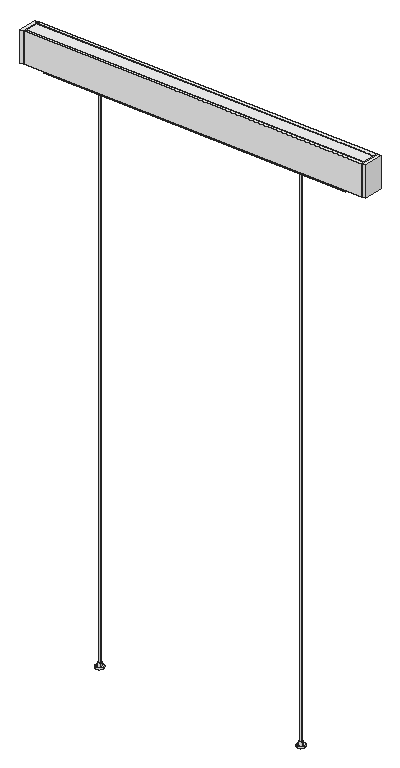
Revit family "MAGIC 1.3 LED LINEAR LIGHT", category Lighting Fixtures, host Face, Revit 2020
Family settings
  Host = Face
  Round Connector Dimension = Use Diameter
  Part Type = Normal
  Cut with Voids When Loaded = No
  Light Source = Yes
  Shared = No
  Room Calculation Point = No
Parameters (values of type "MAG0613-351-PSM-SD-MRF")
  Wattage Comments = "20W/15W/10W"
  Wattage = 0 W
  Wall Mount [instance] = Mounting Option = 3  # no
  WATTS = 20 W
  built-in parameter 1150110 = 1 (stored number, unit not read)
  Voltage = "120-277 V"  # constant formula
  URL = "https://www.abovealllighting.com/Product/LED-INDOOR-FIXTURE/Linear/MAGICLEDLINEARLIGHTPendent.html"
  Type Comments = "1.3 MAGIC 1.3 LED LINEAR LIGHT "  # constant formula
  built-in parameter 1114217 = 1 (stored number, unit not read)
  Tilt Angle = -90.00°
  built-in parameter 1150109 = 1 (stored number, unit not read)
  built-in parameter 1150134 = (empty or 0)
  Suspender Height [instance] = 3' - 0"
  Surface Mount [instance] = Mounting Option = 2  # no
  built-in parameter 1150113 = 1 (stored number, unit not read)
  Power Factor = 1
  Photometric Web File = "MAG06351-PM-A1-MRF.IES"
  Pendent [instance] = if(PSM, 1 = 1, 1 = 0)  # yes
  PSM [instance] = Mounting Option = 1  # yes
  Mounting Option [instance] = 1
  Model = ""
  Manufacturer = "Above All Lighting"  # constant formula
  built-in parameter 1150105 = (empty or 0)
  Lumens = 0 lm
  built-in parameter 1150115 = 1 (stored number, unit not read)
  Load Classification = Lighting
  built-in parameter 1150137 = (empty or 0)
  built-in parameter 1150139 = (empty or 0)
  Light [instance] = if(PSM, 1 = 1, if(Surface Mount, 1 = 1, 1 = 0))  # yes
  built-in parameter 1150112 = 1 (stored number, unit not read)
  built-in parameter 1150114 = 1 (stored number, unit not read)
  LIGHT LENGTH [instance] = if(PSM, Suspender Height, if(Surface Mount, 0' 0", if(Wall Mount, 0' 0", 0' 0")))  # 3' - 0"
  Inside Element = white inside
  built-in parameter 1150132 = 2
  built-in parameter 1150102 = (empty or 0)
  built-in parameter 1150107 = 3500 (stored number, unit not read)
  built-in parameter 1150138 = (empty or 0)
  built-in parameter 1150106 = (empty or 0)
  Fixture Length = 2' - 0"
  Finish/Color = White Aluminum
  built-in parameter 1150104 = 13.8 (stored number, unit not read)
  Dimming Lamp Color Temperature Shift = <None>
  Dimming / Control = "0-10 V"  # constant formula
  Description = "This MAGIC led linear fixture is a 1.3 wide, linear architectural luminaire with a slim and a discrete profile."  # constant formula
  Default Elevation = 0' - 0"
  Color Filter = 16777215
  CRI = "90"  # constant formula
  built-in parameter 1114218 = 1 (stored number, unit not read)
  B = (Fixture Length / 2) - 0' 5"  # 0' - 7"
  Average life based on L70(HRS) = "100000"  # constant formula
  built-in parameter 1150133 = 10 (stored number, unit not read)
  Apparent Load = 0 VA
Types (19): name | Wattage Comments | Wattage | WATTS | built-in parameter 1150134 | Suspender Height | Photometric Web File | built-in parameter 1150105 | Lumens | LIGHT LENGTH | built-in parameter 1150107 | built-in parameter 1150106 | Fixture Length | B
  (no name) | "20W/15W/10W" | 0 W | 20 W | (empty or 0) | 3' - 0" | "MAG06351-PM-A1-MRF.IES" | (empty or 0) | 0 lm | 3' - 0" | 3500 (stored number, unit not read) | (empty or 0) | 2' - 0" | 0' - 7"
  MAG0613-SW1-PSM-SD-FDL | "20W/15W/10W" | 10.7714 W | 20 W | 12 | 4' - 0" | "MAG0613_SW1_FDL_BLACK_DOWN100_4000K_.IES" | 127.32 (stored number, unit not read) | 1600 lm | 4' - 0" | 4000 (stored number, unit not read) | 1.2732 (stored number, unit not read) | 2' - 0" | 0' - 7"
  MAG0613-SW1-PSM-SD-DPL | "20W/15W/10W" | 12.791 W | 20 W | 12 | 4' - 0" | "MAG0613_SW1_DPL_BLACK_DOWN100_4000K_.IES" | 151.2 (stored number, unit not read) | 1900 lm | 4' - 0" | 4000 (stored number, unit not read) | 1.512 (stored number, unit not read) | 2' - 0" | 0' - 7"
  MAG0613-SW1-PSM-SD-LVL | "20W/15W/10W" | 10.0982 W | 20 W | 12 | 4' - 0" | "MAG0613_SW1_LVL_BLACK_UP25DOWN75_4000K_.IES" | 119.37 (stored number, unit not read) | 1500 lm | 4' - 0" | 4000 (stored number, unit not read) | 1.1937 (stored number, unit not read) | 2' - 0" | 0' - 7"
  MAG0613-351-PSM-SD-MRF | "20W/15W/10W" | 0 W | 20 W | (empty or 0) | 3' - 0" | "MAG06351-PM-A1-MRF.IES" | (empty or 0) | 0 lm | 3' - 0" | 3500 (stored number, unit not read) | (empty or 0) | 2' - 0" | 0' - 7"
  MAG0613-301-PSM-SD-MRF | "20W/15W/10W" | 0 W | 20 W | (empty or 0) | 4' - 0" | "generic.ies" | (empty or 0) | 0 lm | 4' - 0" | 3000 (stored number, unit not read) | (empty or 0) | 2' - 0" | 0' - 7"
  MAG0613-401-PSM-SD-MRF | "20W/15W/10W" | 0 W | 20 W | 12 | 4' - 0" | "generic.ies" | (empty or 0) | 0 lm | 4' - 0" | 4000 (stored number, unit not read) | (empty or 0) | 2' - 0" | 0' - 7"
  MAG1213-SW1-PSM-SD-FDL | "20W/15W/10W" | 21.5427 W | 40 W | 12 | 4' - 0" | "MAG1223-FDL-WH (4000K, DOWN100%).IES" | 254.65 (stored number, unit not read) | 3200 lm | 4' - 0" | 4000 (stored number, unit not read) | 2.5465 (stored number, unit not read) | 4' - 0" | 1' - 7"
  MAG1213-SW1-PSM-SD-DPL | "40W/30W/20W" | 25.582 W | 20 W | 12 | 4' - 0" | "MAG1213_SW1_DPL_4000K_DOWN100_.IES" | 302.39 (stored number, unit not read) | 3800 lm | 4' - 0" | 4000 (stored number, unit not read) | 3.0239 (stored number, unit not read) | 4' - 0" | 1' - 7"
  MAG1213-SW1-PSM-SD-LVL | "40W/30W/20W" | 18.8499 W | 40 W | 12 | 4' - 0" | "MAG1213_SW1_LVL_4000K_UP25DOWN75_.IES" | 222.82 (stored number, unit not read) | 2800 lm | 4' - 0" | 4000 (stored number, unit not read) | 2.2282 (stored number, unit not read) | 4' - 0" | 1' - 7"
  MAG1213-351-PSM-SD-MRF | "40W/30W/20W" | 0 W | 40 W | (empty or 0) | 4' - 0" | "MAG12351-PM-A1-MRF.IES" | (empty or 0) | 0 lm | 4' - 0" | 3500 (stored number, unit not read) | (empty or 0) | 4' - 0" | 1' - 7"
  MAG1213-301-PSM-SD-MRF | "40W/30W/20W" | 0 W | 40 W | (empty or 0) | 4' - 0" | "generic.ies" | (empty or 0) | 0 lm | 4' - 0" | 3000 (stored number, unit not read) | (empty or 0) | 4' - 0" | 1' - 7"
  MAG1213-401-PSM-SD-MRF | "40W/30W/20W" | 0 W | 40 W | 12 | 4' - 0" | "generic.ies" | (empty or 0) | 0 lm | 4' - 0" | 4000 (stored number, unit not read) | (empty or 0) | 4' - 0" | 1' - 7"
  MAG2413-SW1-PSM-SD-FDL | "80W/60W/40W" | 43.0855 W | 80 W | 12 | 4' - 0" | "generic.ies" | 509.3 (stored number, unit not read) | 6400 lm | 4' - 0" | 4000 (stored number, unit not read) | 5.093 (stored number, unit not read) | 8' - 0" | 3' - 7"
  MAG2413-SW1-PSM-SD-DPL | "80W/60W/40W" | 51.164 W | 80 W | 12 | 4' - 0" | "generic.ies" | 604.79 (stored number, unit not read) | 7600 lm | 4' - 0" | 4000 (stored number, unit not read) | 6.0479 (stored number, unit not read) | 8' - 0" | 3' - 7"
  MAG2413-SW1-PSM-SD-LVL | "80W/60W/40W" | 37.6998 W | 80 W | 12 | 4' - 0" | "generic.ies" | 445.63 (stored number, unit not read) | 5600 lm | 4' - 0" | 4000 (stored number, unit not read) | 4.4563 (stored number, unit not read) | 8' - 0" | 3' - 7"
  MAG2413-351-PSM-SD-MRF | "80W/60W/40W" | 0 W | 80 W | (empty or 0) | 4' - 0" | "generic.ies" | (empty or 0) | 0 lm | 4' - 0" | 3500 (stored number, unit not read) | (empty or 0) | 8' - 0" | 3' - 7"
  MAG2413-301-PSM-SD-MRF | "80W/60W/40W" | 0 W | 80 W | (empty or 0) | 4' - 0" | "generic.ies" | (empty or 0) | 0 lm | 4' - 0" | 3000 (stored number, unit not read) | (empty or 0) | 8' - 0" | 3' - 7"
  MAG2413-401-PSM-SD-MRF | "80W/60W/40W" | 0 W | 80 W | 12 | 4' - 0" | "generic.ies" | (empty or 0) | 0 lm | 4' - 0" | 4000 (stored number, unit not read) | (empty or 0) | 8' - 0" | 3' - 7"
Reference planes (in)
  plane 1 "Center (Front/Back)": y = 0
  plane 2: z = 0
  plane 3 "Center (Left/Right)": x = 0
  plane 4: z = 36
  plane 5: z = 37.5
  plane 6: x = -12
  plane 7: x = 12
  plane 8: x = -7
  plane 9: x = 7
  plane 10: z = 36
Forms (in)
  Revolve 1, solid, material "White Aluminum" <- "Finish/Color", visible <- "Pendent"
    sketch origin (0, 0, 0) x (1, 0, 0) y (0, 0, 1)
      loop
        line (-7, 0) -> (-7, 36) -> (-7.0674, 36) -> (-7.0674, 0.30186) -> (-7.09875, 0.30186) -> (-7.09875, 0.06976) -> (-7.25781, 0.06976) -> (-7.25781, 0) -> (-7, 0)
      axis (-7, 36) -> (-7, 0)
    angle from 0 to 360
  Revolve 2, solid, material "White Aluminum" <- "Finish/Color", visible <- "Pendent"
    sketch origin (0, 0, 0) x (-1, 0, 0) y (0, 0, 1)
      loop
        line (-7, 0) -> (-7, 36) -> (-7.0674, 36) -> (-7.0674, 0.30186) -> (-7.09875, 0.30186) -> (-7.09875, 0.06976) -> (-7.25781, 0.06976) -> (-7.25781, 0) -> (-7, 0)
      axis (-7, 36) -> (-7, 0)
    angle from 0 to 360
Dimensions and locks (in)
  "Suspender Height": plane 4 to plane 2
  equal spacing: plane 6, plane 3 "Center (Left/Right)", plane 7
  "Fixture Length": plane 6 to plane 7
  "B": plane 3 "Center (Left/Right)" to plane 8
  locked: Revolve 2 sketch curve to Revolve 2 sketch curve at 0.0674
  plane 8 to plane 6 = 0' - 5"
  "B": plane 9 to plane 3 "Center (Left/Right)"
  "LIGHT LENGTH": plane 10 to plane 2
  locked: plane 5 to plane 10 at 1.5
  aligned and locked: plane 2 to host face
  aligned and locked: level to host face
  aligned and locked: Revolve 1 sketch curve to plane 8  (x2)
  aligned and locked: Revolve 2 sketch curve to plane 9  (x2)
  aligned and locked: plane 4 to Revolve 2
  aligned and locked: plane 2 to Revolve 2
  aligned and locked: Revolve 1 to plane 2
  aligned and locked: Revolve 1 to plane 4
  aligned and locked: plane 5 to imposter light
  aligned and locked: plane 3 "Center (Left/Right)" to imposter light
  aligned and locked: plane 1 "Center (Front/Back)" to nested 1
  aligned and locked: plane 3 "Center (Left/Right)" to nested 1
  aligned and locked: plane 1 "Center (Front/Back)" to nested 2
  aligned and locked: plane 3 "Center (Left/Right)" to nested 2
  aligned and locked: nested 2 to plane 2
  aligned and locked: nested 1 to plane 10
Automatic sketch dimensions
  host sketch curve to host sketch curve = 8' - 0"  (x2)
  Revolve 1 sketch curve to level = 0' - 0"
  Revolve 1 sketch curve to plane 4 = 0' - 0"  (x2)
  Revolve 1 sketch curve to Revolve 1 sketch curve = 0' - 0.0674"
  Revolve 1 sketch curve to Revolve 1 sketch curve = 0' - 0.03134"
  level to Revolve 1 sketch curve = 0' - 0.06976"
  Revolve 1 sketch curve to Revolve 1 sketch curve = 0' - 0.15907"
  Revolve 1 sketch curve to Revolve 1 sketch curve = 0' - 0.2321"
  Revolve 1 sketch curve to plane 4 = 0' - 3 3/4"
  Revolve 2 sketch curve to level = 0' - 0"
  Revolve 2 sketch curve to plane 4 = 0' - 0"  (x2)
  Revolve 2 sketch curve to Revolve 2 sketch curve = 0' - 0.03134"
  Revolve 2 sketch curve to level = 0' - 0.06976"
  Revolve 2 sketch curve to Revolve 2 sketch curve = 0' - 0.15907"
  Revolve 2 sketch curve to Revolve 2 sketch curve = 0' - 0.2321"
  plane 4 to Revolve 2 sketch curve = 0' - 3 3/4"
Nested families (in)
  nested 1: "MAGIC 1.3 LED LINEAR LIGHT_Profile" at (0, 0, 36), visible <- "Light", Body Material <- "Finish/Color", Inside Body Material <- "Inside Element", Fixture Length <- "Fixture Length", type "MAGIC 1.3 LED LINEAR LIGHT_Profile"
    with Inside Body Material white inside, Fixture Length 2' - 0", Body Material White Aluminum
  nested 2: "MAGIC 1.3 LED LINEAR LIGHT_Wall base Profile" at (0, 0, 0), visible <- "Wall Mount", Body Material <- "Finish/Color", Inside Body Material <- "Inside Element", Fixture Length <- "Fixture Length", type "MAGIC 1.3 LED LINEAR LIGHT_Wall base Profile"
    with Inside Body Material white inside, Fixture Length 2' - 0", Body Material White Aluminum
Connectors (in)
  electrical at (0, 0, 0), driven by "Load Classification", driven by "Apparent Load", driven by "Power Factor"
    settings: on host face, index 1, voltage 0 V, apparent load 0 VA, apparent load phase1 0 VA, apparent load phase2 0 VA, apparent load phase3 0 VA, power factor 1, load classification "Lighting", number of poles 1, system type 30, power factor state 1, is connector primary yes, connector utility no, sub classification motor no, connector description ""
Definition of nested family "MAGIC 1.3 LED LINEAR LIGHT_Profile"
  Parameters (values of type "MAGIC 1.3 LED LINEAR LIGHT_Profile")
    Inside Body Material [instance] = none
    Fixture Width = 0' - 1 77/256"
    Fixture Length [instance] = 5' - 0"
    Fixture Depth = 0' - 2 61/256"
    Default Elevation = 0' - 0"
    Body Material [instance] = none
  Reference planes (in)
    plane 1 "Center (Front/Back)": y = 0
    plane 2: z = 0
    plane 3 "Center (Left/Right)": x = 0
    plane 4: x = -30
    plane 5: x = 30
    plane 6: y = 0.65039
    plane 7: y = -0.65039
    plane 8: x = -29.75
    plane 9: x = 29.75
    plane 10: z = 0.18404
    plane 11: z = 2.23828
  Forms (in)
    Sweep 1, solid, material <- "Body Material"
      path origin (0, 0, 3.64404) x (0, -1, 0) y (1, 0, 0)
        loop
          line (0, -29.75) -> (0, 29.75)
      profile origin (0, 0, 3.64404) x (0, 1, 0) y (0, 0, 1)
        loop
          line (-0.65039, -1.40576) -> (-0.65039, -3.46) -> (0.65039, -3.46) -> (0.65039, -1.40576) -> (0.43027, -1.40576) -> (0.43027, -1.76904) -> (-0.44526, -1.76904) -> (-0.44526, -1.40576) -> (-0.65039, -1.40576)
    Sweep 2, solid, material <- "Body Material"
      path origin (0, 0, 3.64404) x (0, -1, 0) y (1, 0, 0)
        loop
          line (0, -30) -> (0, -29.75)
      profile origin (-29.875, 0, 3.64404) x (0, 1, 0) y (0, 0, 1)
        loop
          line (-0.65039, -3.46) -> (0.65039, -3.46) -> (0.65039, -1.40576) -> (-0.65039, -1.40576) -> (-0.65039, -3.46)
    Sweep 3, solid, material <- "Body Material"
      path origin (0, 0, 3.64404) x (0, 1, 0) y (-1, 0, 0)
        loop
          line (0, -30) -> (0, -29.75)
      profile origin (29.875, 0, 3.64404) x (0, -1, 0) y (0, 0, 1)
        loop
          line (0.65039, -3.46) -> (0.65039, -1.40576) -> (-0.65039, -1.40576) -> (-0.65039, -3.46) -> (0.65039, -3.46)
    Sweep 4, solid, material <- "Body Material"
      path origin (0, 0, 0) x (1, 0, 0) y (0, 1, 0)
        loop
          line (-28.5, 0) -> (28.5, 0)
      profile origin (0, 0, 0) x (0, 1, 0) y (0, 0, 1)
        loop
          line (0.51617, 0) -> (0.51617, 0.0324) -> (0.51617, 0.18404) -> (0.47206, 0.18404) -> (0.47206, 0.04802) -> (-0.47206, 0.04802) -> (-0.47206, 0.18404) -> (-0.51617, 0.18404) -> (-0.51617, 0.04802) -> (-0.51617, 0) -> (0.51617, 0)
    Sweep 5, solid, material <- "Inside Body Material"
      path origin (0, 0, 0) x (1, 0, 0) y (0, 1, 0)
        loop
          line (-29.75, 0) -> (29.75, 0)
      profile origin (0, 0, 0) x (0, 1, 0) y (0, 0, 1)
        loop
          line (0.43027, 2.23828) -> (-0.44526, 2.23828) -> (-0.44526, 1.87538) -> (0.43027, 1.87538) -> (0.43027, 2.23828)
  Dimensions and locks (in)
    equal spacing: plane 4, plane 3 "Center (Left/Right)", plane 5
    "Fixture Length": plane 4 to plane 5
    equal spacing: plane 6, plane 1 "Center (Front/Back)", plane 7
    "Fixture Width": plane 6 to plane 7
    locked: plane 4 to plane 8 at 0.25
    locked: plane 9 to plane 5 at 0.25
    equal spacing: Sweep 4 sketch curve, plane 3 "Center (Left/Right)", Sweep 4 sketch curve
    equal spacing: Sweep 4 sketch curve, profile plane, Sweep 4 sketch curve
    locked: Sweep 4 sketch curve to Sweep 4 sketch curve at 0.04802
    locked: Sweep 4 sketch curve to Sweep 4 sketch curve at 0.0441
    "Fixture Depth": plane 11 to plane 2
    locked: plane 11 to Sweep 1 sketch curve at 0.36328
    aligned and locked: plane 2 to level
    aligned and locked: plane 9 to Sweep 1 sketch curve
    aligned and locked: plane 8 to Sweep 1 sketch curve
    aligned and locked: Sweep 3 sketch curve to plane 5
    aligned and locked: Sweep 3 sketch curve to plane 9
    aligned and locked: plane 4 to Sweep 2 sketch curve
    aligned and locked: plane 8 to Sweep 2 sketch curve
    aligned and locked: Sweep 4 sketch curve to plane 10
    aligned and locked: plane 10 to Sweep 4 sketch curve
    aligned and locked: Sweep 1 to plane 10
    aligned and locked: Sweep 2 to plane 10
    aligned and locked: plane 9 to Sweep 5 sketch curve
    aligned and locked: plane 8 to Sweep 5 sketch curve
    aligned and locked: plane 1 "Center (Front/Back)" to Sweep 5 sketch curve
    aligned and locked: Sweep 1 to Sweep 5 sketch curve
    aligned and locked: Sweep 5 sketch curve to Sweep 1  (x2)
    aligned and locked: plane 11 to Sweep 2 sketch curve
    aligned and locked: plane 11 to Sweep 3 sketch curve
    aligned and locked: plane 11 to Sweep 1 sketch curve
    aligned and locked: plane 10 to Sweep 3 sketch curve
  Automatic sketch dimensions
    plane 1 "Center (Front/Back)" to Sweep 1 sketch curve = 0' - 0"
    plane 1 "Center (Front/Back)" to Sweep 2 sketch curve = 0' - 0"
    profile plane to Sweep 2 sketch curve = 0' - 0.65039"
    Sweep 2 sketch curve to profile plane = 0' - 0.65039"
    Sweep 2 sketch curve to Sweep 2 sketch curve = 0' - 2.05424"
    plane 1 "Center (Front/Back)" to Sweep 3 sketch curve = 0' - 0"
    profile plane to Sweep 3 sketch curve = 0' - 0.65039"
    Sweep 3 sketch curve to profile plane = 0' - 0.65039"
    plane 1 "Center (Front/Back)" to Sweep 4 sketch curve = 0' - 0"
    plane 8 to Sweep 4 sketch curve = 0' - 1 1/4"
    Sweep 4 sketch curve to level = 0' - 0"
    level to Sweep 4 sketch curve = 0' - 0.04802"
    profile plane to Sweep 4 sketch curve = 0' - 0.51617"
    Sweep 4 sketch curve to Sweep 4 sketch curve = 0' - 0.0441"
    Sweep 4 sketch curve to Sweep 4 sketch curve = 0' - 0 1/64"
    profile plane to Sweep 1 sketch curve = 0' - 0.65039"
    Sweep 1 sketch curve to Sweep 1 sketch curve = 0' - 0.20513"
    Sweep 1 sketch curve to profile plane = 0' - 0.43027"
    Sweep 1 sketch curve to profile plane = 0' - 0.65039"
    Sweep 1 sketch curve to Sweep 1 sketch curve = 0' - 0"
    Sweep 1 sketch curve to Sweep 1 sketch curve = 0' - 2.05424"
    Sweep 5 sketch curve to Sweep 5 sketch curve = 0' - 0.3629"
Definition of nested family "MAGIC 1.3 LED LINEAR LIGHT_Wall base Profile"
  Parameters (values of type "MAGIC 1.3 LED LINEAR LIGHT_Wall base Profile")
    Inside Body Material [instance] = none
    Fixture Width = 0' - 1 77/256"
    Fixture Length [instance] = 6' - 11.26901"
    Fixture Depth = 0' - 2 61/256"
    Default Elevation = 0' - 0"
    Body Material [instance] = none
  Reference planes (in)
    plane 1 "Center (Front/Back)": y = 0
    plane 2: z = 0
    plane 3 "Center (Left/Right)": x = 0
    plane 4: y = 1.11914
    plane 5: x = -41.63451
    plane 6: x = -41.23591
    plane 7: x = 41.63451
    plane 8: x = 41.23591
    plane 9: y = -1.11914
    plane 10: z = 1.30078
  Forms (in)
    Sweep 1, solid, material <- "Body Material"
      path origin (0, 0, 0) x (1, 0, 0) y (0, 1, 0)
        loop
          line (-41.23591, 0) -> (41.23591, 0)
      profile origin (0, 0, 0) x (0, 1, 0) y (0, 0, 1)
        loop
          line (1.11914, 0) -> (1.11914, 1.30078) -> (-1.11914, 1.30078) -> (-1.11914, 1.00391) -> (-0.7919, 1.00391) -> (-0.7919, 0.29687) -> (-1.11914, 0.29687) -> (-1.11914, 0) -> (1.11914, 0)
    Sweep 2, solid, material <- "Body Material"
      path origin (0, 0, 0) x (1, 0, 0) y (0, 1, 0)
        loop
          line (-41.63451, 0) -> (-41.23591, 0)
      profile origin (-41.43521, 0, 0) x (0, 1, 0) y (0, 0, 1)
        loop
          line (1.11914, 1.30078) -> (-1.11914, 1.30078) -> (-1.11914, 0) -> (1.11914, 0) -> (1.11914, 1.30078)
    Sweep 3, solid, material <- "Body Material"
      path origin (0, 0, 0) x (-1, 0, 0) y (0, 1, 0)
        loop
          line (-41.63451, 0) -> (-41.23591, 0)
      profile origin (41.43521, 0, 0) x (0, -1, 0) y (0, 0, 1)
        loop
          line (-1.11914, 1.30078) -> (-1.11914, 0) -> (1.11914, 0) -> (1.11914, 1.30078) -> (-1.11914, 1.30078)
    Sweep 4, solid, material <- "Inside Body Material"
      path origin (0, 0, 0) x (1, 0, 0) y (0, 1, 0)
        loop
          line (41.23591, -1.11914) -> (-41.23591, -1.11914)
      profile origin (0, -1.11914, 0) x (0, -1, 0) y (0, 0, 1)
        loop
          line (-0.32724, 1.00391) -> (-0.32724, 0.29687) -> (0, 0.29687) -> (0, 1.00391) -> (-0.32724, 1.00391)
  Dimensions and locks (in)
    equal spacing: plane 5, plane 3 "Center (Left/Right)", plane 7
    "Fixture Length": plane 5 to plane 7
    locked: plane 5 to plane 6 at 0.39859
    locked: plane 8 to plane 7 at 0.39859
    equal spacing: plane 4, plane 1 "Center (Front/Back)", plane 9
    "Fixture Depth": plane 4 to plane 9
    "Fixture Width": plane 10 to plane 2
    locked: plane 10 to Sweep 1 sketch curve at 0.29688
    locked: Sweep 1 sketch curve to plane 2 at 0.29687
    locked: Sweep 1 sketch curve to plane 9 at 0.32724
    aligned and locked: plane 2 to level
    aligned and locked: plane 1 "Center (Front/Back)" to Sweep 1 sketch curve
    aligned and locked: plane 8 to Sweep 1 sketch curve
    aligned and locked: plane 6 to Sweep 1 sketch curve
    aligned and locked: plane 5 to Sweep 2 sketch curve
    aligned and locked: plane 6 to Sweep 2 sketch curve
    aligned and locked: plane 7 to Sweep 3 sketch curve
    aligned and locked: plane 8 to Sweep 3 sketch curve
    aligned and locked: Sweep 2 sketch curve to plane 9
    aligned and locked: Sweep 2 sketch curve to plane 4
    aligned and locked: Sweep 2 sketch curve to plane 10
    aligned and locked: Sweep 3 sketch curve to plane 9
    aligned and locked: Sweep 3 sketch curve to plane 4
    aligned and locked: Sweep 3 sketch curve to plane 10
    aligned and locked: Sweep 1 sketch curve to plane 4
    aligned and locked: Sweep 1 sketch curve to plane 9  (x2)
    aligned and locked: plane 8 to Sweep 4 sketch curve
    aligned and locked: plane 6 to Sweep 4 sketch curve
    aligned and locked: Sweep 4 sketch curve to Sweep 1  (x3)
    aligned and locked: Sweep 4 sketch curve to plane 9
  Automatic sketch dimensions
    plane 1 "Center (Front/Back)" to Sweep 2 sketch curve = 0' - 0"
    Sweep 2 sketch curve to level = 0' - 0"
    plane 1 "Center (Front/Back)" to Sweep 3 sketch curve = 0' - 0"
    Sweep 3 sketch curve to level = 0' - 0"
    Sweep 1 sketch curve to profile plane = 0' - 0"
    profile plane to Sweep 1 sketch curve = 0' - 1 77/256"
    Sweep 4 sketch curve to plane 9 = 0' - 0"
